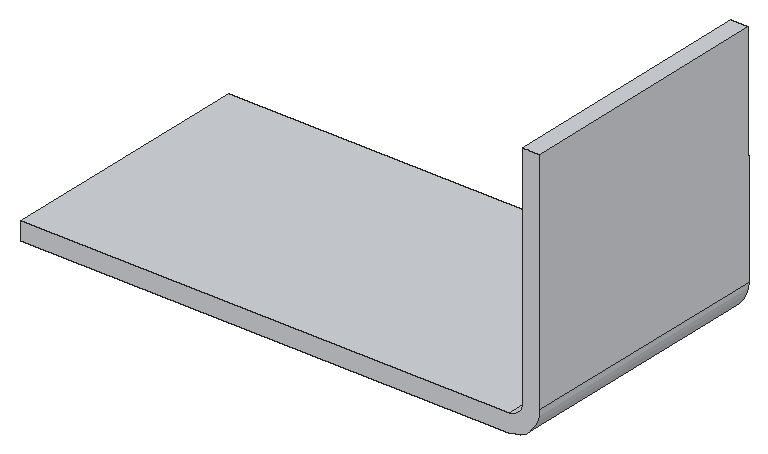
Revit family "f606847e-12c4-483e-a721-5344f737bcba", category Specialty Equipment, Revit 2016
Family settings
  Part Type = Normal
  Round Connector Dimension = Use Diameter
  OmniClass Number = 23.35.70.24.11.11
  OmniClass Title = Suspended Ceiling Components
  Work Plane-Based = No
  Always vertical = Yes
  Cut with Voids When Loaded = No
  Shared = No
  Room Calculation Point = No
Parameters (values of type "Unistrut_Main")
  ecoScorecard_data = ""
  ecoScorecard Product Page = ""
  URL = "http://www.hunterdouglascontract.com/ceilings/index.jsp"
  Subcategory = "Natura Wood"  # constant formula
  Product Line = "Natura Wall"  # constant formula
  Model = "Natura Wall Upper_Clip"  # constant formula
  Manufacturer = "Hunter Douglas Luxalon Metal Ceilings"  # constant formula
  Description = "Upper_Clip"  # constant formula
  Carrier Visibility = yes
  Default Elevation = 0"  # constant formula
  Unit = Metal - Aluminum Frame - HunterDouglas - Painted White
  Carrier Length [instance] = 2.95276"
  Assembly Code = "C3030200"
  95 CSI = "09510"  # constant formula
  04 CSI = "09 51 00"  # constant formula
Reference planes (in)
  plane 1 "Center (Front/Back)": y = 0
  plane 2: z = 0
  plane 3 "Center (Left/Right)": x = 0
  plane 4: y = 1.47638
  plane 5: y = -1.47638
  plane 6: x = -2.95276
  plane 7: x = 2.95276
Dimensions and locks (in)
  equal spacing: plane 4, plane 1 "Center (Front/Back)", plane 5
  "Carrier Length": plane 4 to plane 5
  equal spacing: plane 6, plane 3 "Center (Left/Right)", plane 7
  plane 6 to plane 7 = 5.90551"
  aligned and locked: plane 2 to level
  aligned and locked: plane 3 "Center (Left/Right)" to nested 1
  aligned and locked: plane 1 "Center (Front/Back)" to nested 1
  aligned and locked: level to nested 1
Nested families (in)
  nested 1: "Anchorage-HunterDouglas-Natura Walls" at (0, 0, 0), type "Unistrut_Main"
Definition of nested family "Anchorage-HunterDouglas-Natura Walls"
  Parameters
    Width = 5.90551"
    URL = "http://www.hunterdouglascontract.com/ceilings/index.jsp"
    Subcategory = "Natura Wood"  # constant formula
    Product Line = "Natura Wall"  # constant formula
    Model = "Natura Wall Upper_Clip"  # constant formula
    Manufacturer = "Hunter Douglas Luxalon Metal Ceilings"  # constant formula
    Length = 2.95276"
    Height = 3.93701"
    Description = "Upper_Clip"  # constant formula
    Carrier Visibility = yes
    Default Elevation = 0"  # constant formula
    Unit = none
    Assembly Code = "C3030200"
    95 CSI = "09510"  # constant formula
    04 CSI = "09 51 00"  # constant formula
  Reference planes (in)
    plane 1 "Center (Front/Back)": y = 0
    plane 2: z = 0
    plane 3 "Center (Left/Right)": x = 0
    plane 4: y = 1.47638
    plane 5: y = -1.47638
    plane 6: x = -2.95276
    plane 7: x = 2.95276
  Forms (in)
    Sweep 1, solid, material <- "Unit", detail levels medium
      path origin (0, -1.47638, 1.47638) x (1, 0, 0) y (0, 0, -1)
        loop
          line (-2.95276, 1.47638) -> (2.95276, 1.47638) -> (2.95276, -1.47638)
      profile origin (0, -1.47638, 0) x (0, 0, -1) y (0, 1, 0)
        loop
          line (0, 2.95276) -> (-0.19922, 2.95276) -> (-0.19922, 0) -> (0, 0) -> (0, 2.95276)
    Sweep 2, solid, material <- "Unit", detail levels fine
      path origin (0, -1.47638, 1.47638) x (1, 0, 0) y (0, 0, -1)
        loop
          line (-2.95276, 1.47638) -> (2.60023, 1.47638)
          arc (2.60023, 1.47638) -> (2.8495, 1.37313) -> (2.95276, 1.12385) r 0.35252
          line (2.95276, 1.12385) -> (2.95276, -1.47638)
      profile origin (-0.17626, -1.47638, 0) x (0, 0, -1) y (0, 1, 0)
        loop
          line (0, 2.95276) -> (-0.19922, 2.95276) -> (-0.19922, 0) -> (0, 0) -> (0, 2.95276)
    Extrusion 3, solid, material <- "Unit", detail levels coarse
      sketch origin (0, -1.47638, 1.47638) x (1, 0, 0) y (0, 0, -1)
        loop
          line (-2.95276, 1.47638) -> (-2.95276, -1.47638) -> (2.95276, -1.47638) -> (2.95276, 1.47638) -> (-2.95276, 1.47638)
      from 0 to 2.95276
  Lines and regions (in)
    symbolic lines, detail levels coarse
      curve 1: line (-2.95276, 0, 2.95276) -> (2.95276, 0, 2.95276)
      curve 2: line (-2.95276, 0, 0) -> (-2.95276, 0, 2.95276)
      curve 3: line (2.95276, 0, 0) -> (-2.95276, 0, 0)
      curve 4: line (2.95276, 0, 2.95276) -> (2.95276, 0, 0)
    symbolic lines, detail levels medium
      curve 5: line (2.95276, 0, 2.95276) -> (2.75354, 0, 2.95276)
      curve 6: line (2.75354, 0, 2.95276) -> (2.75354, 0, 0.19922)
      curve 7: line (2.95276, 0, 0) -> (2.95276, 0, 2.95276)
      curve 8: line (2.75354, 0, 0.19922) -> (-2.95276, 0, 0.19922)
      curve 9: line (-2.95276, 0, 0) -> (2.95276, 0, 0)
      curve 10: line (-2.95276, 0, 0) -> (-2.95276, 0, 0.19922)
    symbolic lines, detail levels fine
      curve 11: line (2.75354, 0, 2.95276) -> (2.75354, 0, 0.35252)
      curve 12: arc (2.75354, 0, 0.35252) -> (2.70864, 0, 0.24412) -> (2.60023, 0, 0.19922) r 0.1533
      curve 13: line (2.60023, 0, 0.19922) -> (-2.95276, 0, 0.19922)
      curve 14: line (-2.95276, 0, 0.19922) -> (-2.95276, 0, 0)
      curve 15: line (-2.95276, 0, 0) -> (2.60023, 0, 0)
      curve 16: arc (2.60023, 0, 0) -> (2.8495, 0, 0.10325) -> (2.95276, 0, 0.35252) r 0.35252
      curve 17: line (2.95276, 0, 0.35252) -> (2.95276, 0, 2.95276)
      curve 18: line (2.95276, 0, 2.95276) -> (2.75354, 0, 2.95276)
    symbolic lines
      curve 19: line (0, 1.47638, 2.95276) -> (0, -1.47638, 2.95276)
      curve 20: line (0, 1.47638, 0) -> (0, 1.47638, 2.95276)
      curve 21: line (0, -1.47638, 0) -> (0, 1.47638, 0)
      curve 22: line (0, -1.47638, 2.95276) -> (0, -1.47638, 0)
      curve 24: line (-2.95276, 1.47638, 0) -> (2.95276, 1.47638, 0)
      curve 25: line (-2.95276, -1.47638, 0) -> (-2.95276, 1.47638, 0)
      curve 26: line (2.95276, -1.47638, 0) -> (-2.95276, -1.47638, 0)
      curve 27: line (2.95276, 1.47638, 0) -> (2.95276, -1.47638, 0)
    symbolic lines, detail levels medium+fine
      curve 23: line (0, 1.47638, 0.19922) -> (0, -1.47638, 0.19922)
      curve 28: line (2.75354, 1.47638, 0) -> (2.75354, -1.47638, 0)
  Dimensions and locks (in)
    equal spacing: plane 4, plane 1 "Center (Front/Back)", plane 5
    "Length": plane 4 to plane 5
    equal spacing: plane 6, plane 3 "Center (Left/Right)", plane 7
    "Width": plane 6 to plane 7
    Extrusion 3 to Extrusion 3 = 2.95276"
    aligned and locked: plane 2 to level
    aligned and locked: plane 4 to Sweep 2 sketch curve
    aligned and locked: plane 4 to Sweep 1 sketch curve
    aligned and locked: curve 1 to Extrusion 3
    aligned and locked: curve 2 to Extrusion 3
    aligned and locked: curve 3 to Sweep 1
    aligned and locked: curve 4 to Sweep 1
    aligned and locked: curve 5 to Sweep 2
    aligned and locked: curve 6 to Sweep 2
    aligned and locked: curve 7 to Sweep 2
    aligned and locked: curve 8 to Sweep 1
    aligned and locked: curve 9 to Sweep 2
    aligned and locked: curve 11 to Sweep 2
    aligned and locked: curve 12 to Sweep 2
    aligned and locked: curve 14 to Sweep 2
    aligned and locked: curve 16 to Sweep 2
    aligned and locked: curve 19 to Sweep 1
    aligned and locked: curve 20 to Sweep 1
    aligned and locked: curve 21 to Sweep 1
    aligned and locked: curve 22 to Sweep 1
    aligned and locked: curve 20 to curve 23
    aligned and locked: curve 23 to Sweep 1
    aligned and locked: curve 24 to Sweep 1
    aligned and locked: curve 25 to Sweep 1
    aligned and locked: curve 26 to Sweep 1
    aligned and locked: curve 27 to Sweep 1
    aligned and locked: curve 24 to curve 28
    aligned and locked: curve 28 to Sweep 1
  Automatic sketch dimensions
    plane 6 to Sweep 1 sketch curve = 0"
    Sweep 1 sketch curve to plane 7 = 0"
    level to Sweep 1 sketch curve = 2.95276"
    level to Sweep 1 sketch curve = 0"
    Sweep 1 sketch curve to profile plane = 0"  (x2)
    profile plane to Sweep 1 sketch curve = 51/256"
    plane 6 to Sweep 2 sketch curve = 0"
    Sweep 2 sketch curve to plane 7 = 0"
    Sweep 2 sketch curve to plane 7 = 0.35252"
    level to Sweep 2 sketch curve = 2.95276"
    level to Sweep 2 sketch curve = 0.35252"
    Sweep 2 sketch curve to profile plane = 0"  (x2)
    Sweep 2 sketch curve to Sweep 2 sketch curve = 51/256"
    plane 6 to Extrusion 3 sketch curve = 0"
    Extrusion 3 sketch curve to plane 7 = 0"
    level to Extrusion 3 sketch curve = 2.95276"
    level to Extrusion 3 sketch curve = 0"
